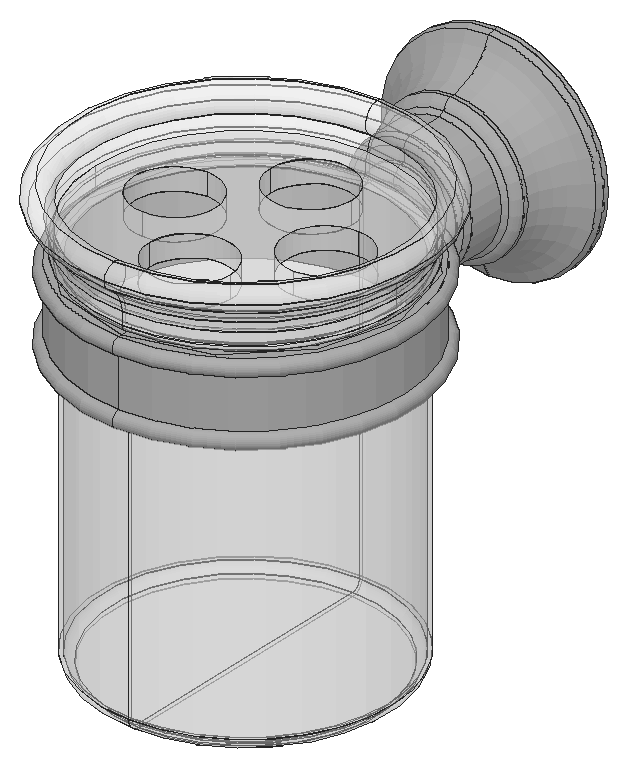
Revit family
Parameters (values of type "Toothbrush tumbler")
  URL = "http://www.hansgrohe.co.uk/uk_en/110585_32313931335F32355F3632303230.htm"
  Model = "Montreux 42034830"
  Manufacturer = "Axor"
  Keynote = "10800"
  Description = "Polished Nickel"
  Assembly Code = ""
Reference planes
  plane 1 "Center (Front/Back)": y = 0
  plane 2: z = 0
  plane 3 "Center (Left/Right)": x = 0
Forms (mm)
  Revolve 1, solid, material "Chrome"
    sketch origin (0, 0, 0) x (0, 1, 0) y (0, 0, 1)
      loop
        arc (-2.788, 26.5) -> (-7.04, 20.945) -> (-13.385, 18) r 14.624
        line (-13.385, 18) -> (-14.5, 18)
        arc (-14.5, 18) -> (-15.84, 17.249) -> (-16.733, 15.998) r 3.517
        line (-16.733, 15.998) -> (-17.846, 15) -> (-26.769, 15) -> (-28.442, 14.5) -> (-29, 13) -> (-29, 10) -> (-29.747, 9.751)
        arc (-29.747, 9.751) -> (-31.378, 8.552) -> (-32, 6.625) r 3.295
        line (-32, 6.625) -> (-32, 5) -> (-38.5, 5)
        arc (-38.5, 5) -> (-39.228, 2.547) -> (-39.473, 0) r 13.331
        line (-39.473, 0) -> (0, 0) -> (0, 27) -> (-1.115, 27) -> (-2.788, 26.5)
      axis (-39.473, 0) -> (0, 0)
    angle from 0 to 360
  Revolve 2, solid, material "Glass_Acce"
    sketch origin (0, 0, 0) x (0, 1, 0) y (0, 0, 1)
      loop
        arc (-115.5, 12) -> (-114.914, 10.586) -> (-113.5, 10) r 2
        line (-113.5, 10) -> (-113.5, -75.801)
        arc (-113.5, -75.801) -> (-112.563, -78.063) -> (-110.301, -79) r 3.199
        line (-110.301, -79) -> (-77.5, -79) -> (-77.5, -78) -> (-110.453, -78)
        arc (-110.453, -78) -> (-111.9, -77.4) -> (-112.5, -75.953) r 2.047
        line (-112.5, -75.953) -> (-112.5, 10.721) -> (-114.5, 12.162) -> (-114.5, 15.099)
        arc (-114.5, 15.099) -> (-115.088, 17.706) -> (-116.306, 20.084) r 10.652
        arc (-116.306, 20.084) -> (-114.44, 24.206) -> (-118, 27) r 3.665
        arc (-118, 27) -> (-120.121, 26.121) -> (-121, 24) r 3
        arc (-121, 24) -> (-120.596, 22.542) -> (-119.5, 21.5) r 2.833
        arc (-119.5, 21.5) -> (-117.384, 19.82) -> (-116, 17.5) r 7.504
        arc (-116, 17.5) -> (-115.65, 16.27) -> (-115.5, 15) r 8.03
        line (-115.5, 15) -> (-115.5, 12)
      axis (-77.5, 27) -> (-77.5, -79)
    angle from 0 to 360
  Revolve 3, solid, material "Chrome"
    sketch origin (0, 0, 0) x (0, 1, 0) y (0, 0, 1)
      loop
        line (-115.6, 10) -> (-116.585, 10)
        arc (-116.585, 10) -> (-118.539, 8.003) -> (-116.5, 6.093) r 1.955
        line (-116.5, 6.093) -> (-116.5, -6.093)
        arc (-116.5, -6.093) -> (-118.539, -8.003) -> (-116.585, -10) r 1.955
        line (-116.585, -10) -> (-113.5, -10) -> (-113.5, 10) -> (-115.6, 10)
      axis (-77.5, 10) -> (-77.5, -10)
    angle from 0 to 360
  Extrusion 4, solid, material "Glass_Acce"
    sketch origin (0, 0, 0) x (1, 0, 0) y (0, 1, 0)
      loop
        circle (0, -77.5) r 37
      loop
        circle (0, -57.426) r 10
      loop
        circle (0, -94.612) r 10
      loop
        circle (-18.593, -76.019) r 10
      loop
        circle (18.593, -76.019) r 10
    from 12 to 17.495
